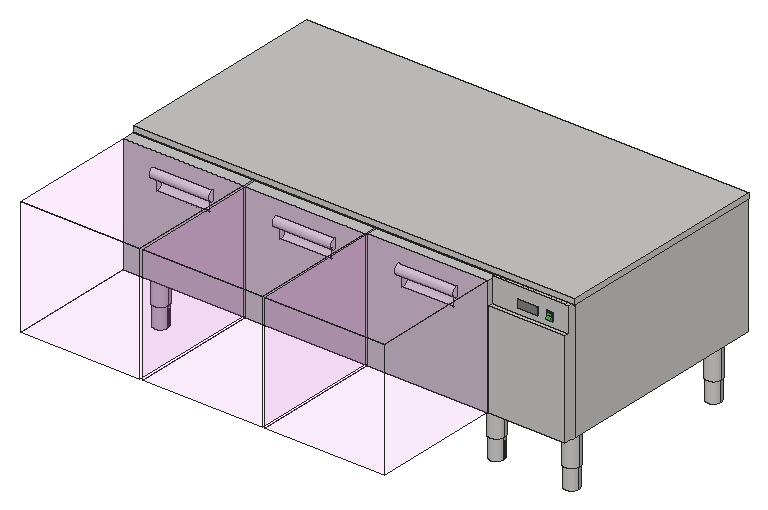
Revit family "QF_ZANUSSI_392601_Z9TTAECOMKNE", category Specialty Equipment, Revit 2021
Family settings
  Round Connector Dimension = Use Diameter
  Part Type = Normal
  Work Plane-Based = No
  Always vertical = Yes
  Cut with Voids When Loaded = No
  Shared = No
  Room Calculation Point = No
Parameters
  Weight = 110.00 kg
  Watts = 0 W
  Volts = 220 V
  URL Manufacturer = "http://www.zanussiprofessional.com"
  URL = "http://www.zanussiprofessional.com"
  Steam Supply Size = 0 mm
  Steam Supply Minimum Pressure = 0.0 Pa
  Steam Supply Maximum Pressure = 0.0 Pa
  Steam Pounds per Hour = 0
  Show Clearance [instance] = yes
  Refrigeration Suction Line Size = 0 mm
  Refrigeration Liquid Line Size = 0 mm
  Refrigerant Compressor Remote = yes
  Manufacturer = "Zanussi"
  Phase = 1
  Model = "Z9TTAECOMKN"
  Length Actual = 1600 mm
  Item Number = "392601"
  Hot Water Size = 0 mm
  Height Actual = 600 mm
  HP = "0.6 HP"
  Gas Size = 0 mm
  Gas KW = 0
  Gas Input Pressure = 0 W
  Direct Waste Size = 0 mm
  Description = "REFRIGERATED BASE WITH 3 DRAWERS 1600MM - R290"
  Depth Actual = 830 mm
  Default Elevation = 0 mm
  Cycle = 50 Hz
  Condensate Return Size = 0 mm
  Compressed Air Volume = 0.0 L/s
  Compressed Air Size = 0 mm
  Compressed Air Pressure = 0.0 Pa
  Cold Water Size = 0 mm
  Accessory = no
Reference planes
  plane 1 "Center X": y = -0.05
  plane 2: z = 0
  plane 3 "Centro (Sinistra/Destra)": x = -200
  plane 4: y = -316.05
  plane 5: y = 325.95
  plane 6 "BACK": y = 413.95
  plane 7 "FRONT": y = -414.05
  plane 8: y = -881.83
  plane 9: x = -944
  plane 10: x = 544
  plane 11: y = -369.551
  plane 12: z = 200
  plane 13 "TOP": z = 630
  plane 14 "LEFT": x = -1000
  plane 15 "RIGHT": x = 600
  plane 16: x = 272
Forms (mm)
  Extrusion 1, solid, material "QF_Finishes_Stainless Steel"
    sketch origin (-1022.223, -1524, 200) x (-1, 0, 0) y (0, -1, 0)
      loop
        line (-23.223, -1937.95) -> (-23.223, -1154.449) -> (-1621.223, -1154.449) -> (-1621.223, -1937.95) -> (-23.223, -1937.95)
    from 0 to 430
  Extrusion 2, solid, material "QF_Finishes_Stainless Steel"
    sketch origin (-1022.223, -1524, 200) x (-1, 0, 0) y (0, -1, 0)
      loop
        circle (-1581.223, -1747.95) r 12
    from -10 to 0
  Extrusion 3, solid, material "QF_Finishes_Stainless Steel"
    sketch origin (-599, 0, -5) x (0, 1, 0) y (0, 0, 1)
      loop
        line (-369.551, 635) -> (413.95, 635) -> (413.95, 655) -> (-369.551, 655) -> (-369.551, 635)
    from 1198 to -400
  Extrusion 4, solid, material "QF_Finishes_Stainless Steel"
    sketch origin (599, 0, 0) x (0, 1, 0) y (0, 0, 1)
      loop
        line (-369.551, 629.527) -> (-386.314, 640.994) -> (-397.65, 640.994) -> (-397.65, 549.796) -> (-414.05, 549.796) -> (-414.05, 204.796) -> (-384.714, 204.796) -> (-374.993, 200) -> (-369.551, 200) -> (-369.551, 629.527)
    from 0 to -275
  Extrusion 5, solid, material "QF_Finishes_Black"
    sketch origin (605.8, -397.65, 630.994) x (0, 0, -1) y (1, 0, 0)
      loop
        line (32.198, -86.899) -> (61.199, -86.899) -> (61.199, -64.9) -> (32.198, -64.9) -> (32.198, -86.899)
    from 0 to 1.6
  Extrusion 6, solid, material "QF_Finishes_Grey"
    sketch origin (627, -397.65, 630.994) x (0, 0, -1) y (1, 0, 0)
      loop
        line (32.198, -210.099) -> (61.199, -210.099) -> (61.199, -140.099) -> (32.198, -140.099) -> (32.198, -210.099)
    from 0 to 1.6
  Extrusion 7, solid, material "QF_Finishes_Green"
    sketch origin (540.9, -397.65, 598.796) x (0, 0, -1) y (0, 1, 0)
      loop
        line (2.279, -3.281) -> (14.5, -3.281) -> (25.308, -8.985)
        arc (25.308, -8.985) -> (26.537, -5.394) -> (26.605, -1.6) r 12.221
        line (26.605, -1.6) -> (2.395, -1.6)
        arc (2.395, -1.6) -> (2.308, -2.439) -> (2.279, -3.281) r 12.221
    from -20 to -2
  Extrusion 8, solid, material "QF_Finishes_Handrails and Railings"
    sketch origin (-798.028, -157.946, 1924.198) x (0, 0.885087, 0.465426) y (0, -0.465426, 0.885087)
      loop
        arc (-854.629, -1074.965) -> (-878.641, -1082.427) -> (-871.18, -1106.439) r 17.78
        line (-871.18, -1106.439) -> (-854.629, -1074.965)
    from -93.472 to 121.528
  Extrusion 9, solid, material "QF_Finishes_Stainless Steel"
    sketch origin (-998.053, 285.95, 14.715) x (0, 1, 0) y (0, 0, 1)
      loop
        line (-700, 486.991) -> (-660.001, 486.991) -> (-660.001, 530.285) -> (-678.147, 530.285) -> (-678.147, 511.464)
        arc (-678.147, 511.464) -> (-684.405, 495.059) -> (-700, 486.991) r 24.63
    from 118.753 to 309.354
  Extrusion 10, solid, material "QF_Finishes_Handrails and Railings"
    sketch origin (-356.028, -157.946, 1924.198) x (0, 0.885087, 0.465426) y (0, -0.465426, 0.885087)
      loop
        arc (-854.629, -1074.965) -> (-878.641, -1082.427) -> (-871.18, -1106.439) r 17.78
        line (-871.18, -1106.439) -> (-854.629, -1074.965)
    from -89.472 to 121.528
  Extrusion 11, solid, material "QF_Finishes_Stainless Steel"
    sketch origin (-556.053, 285.95, 14.715) x (0, 1, 0) y (0, 0, 1)
      loop
        line (-700, 486.991) -> (-660.001, 486.991) -> (-660.001, 530.285) -> (-678.147, 530.285) -> (-678.147, 511.464)
        arc (-678.147, 511.464) -> (-684.405, 495.059) -> (-700, 486.991) r 24.63
    from 122.753 to 309.354
  Extrusion 12, solid, material "QF_Finishes_Stainless Steel"
    sketch origin (-404, -414.05, 0) x (-1, 0, 0) y (0, 0, 1)
      loop
        line (595, 629.2) -> (160.999, 629.2) -> (160.999, 203.503) -> (595, 203.503) -> (595, 629.2)
      loop
        line (153, 629.2) -> (-281, 629.2) -> (-281, 203.503) -> (153, 203.503) -> (153, 629.2)
      loop
        line (475.3, 501.706) -> (475.3, 545) -> (284.699, 545) -> (284.699, 501.706) -> (475.3, 501.706)
      loop
        line (29.3, 501.706) -> (29.3, 545) -> (-157.301, 545) -> (-157.301, 501.706) -> (29.3, 501.706)
      loop
        line (-288.999, 629.2) -> (-722.999, 629.2) -> (-722.999, 203.9) -> (-288.999, 203.9) -> (-288.999, 629.2)
      loop
        line (-412.699, 501.706) -> (-412.699, 545) -> (-599.3, 545) -> (-599.3, 501.706) -> (-412.699, 501.706)
    from 0 to 40
  Extrusion 13, solid, material "QF_Door-Drawer Clearances", visible <- "Show Clearance"
    sketch origin (-204, -414.05, -215) x (1, 0, 0) y (0, 0, 1)
      loop
        line (-795, 844.2) -> (-795, 418.503) -> (-360.999, 418.503) -> (-360.999, 844.2) -> (-795, 844.2)
      loop
        line (-353, 844.2) -> (-353, 418.503) -> (81, 418.503) -> (81, 844.2) -> (-353, 844.2)
      loop
        line (88.999, 844.2) -> (88.999, 418.9) -> (522.999, 418.9) -> (522.999, 844.2) -> (88.999, 844.2)
    from 0 to 467.78
  Extrusion 14, solid, material "QF_Finishes_Handrails and Railings"
    sketch origin (85.971, -157.946, 1924.198) x (0, 0.885087, 0.465426) y (0, -0.465426, 0.885087)
      loop
        arc (-854.629, -1074.965) -> (-878.641, -1082.427) -> (-871.18, -1106.439) r 17.78
        line (-871.18, -1106.439) -> (-854.629, -1074.965)
    from -89.472 to 121.528
  Extrusion 15, solid, material "QF_Finishes_Stainless Steel"
    sketch origin (-114.054, 285.95, 14.715) x (0, 1, 0) y (0, 0, 1)
      loop
        line (-700, 486.991) -> (-660.001, 486.991) -> (-660.001, 530.285) -> (-678.147, 530.285) -> (-678.147, 511.464)
        arc (-678.147, 511.464) -> (-684.405, 495.059) -> (-700, 486.991) r 24.63
    from 122.753 to 309.354
Lines and regions (mm)
  Split face 1
    outline origin (627, -399.25, 630.994) x (0, 0, -1) y (1, 0, 0)
      loop
        line (37.198, -200.099) -> (52.198, -200.099) -> (52.198, -150.099) -> (37.198, -150.099) -> (37.198, -200.099)
  Split face 2
    outline origin (627, -399.25, 630.994) x (0, 0, -1) y (1, 0, 0)
      loop
        line (59.151, -200.099) -> (59.151, -189.099) -> (54.151, -189.099) -> (54.151, -200.099) -> (59.151, -200.099)
  Split face 3
    outline origin (627, -399.25, 630.994) x (0, 0, -1) y (1, 0, 0)
      loop
        line (54.151, -187.099) -> (59.151, -187.099) -> (59.151, -176.099) -> (54.151, -176.099) -> (54.151, -187.099)
  Split face 4
    outline origin (640, -399.25, 630.994) x (0, 0, -1) y (1, 0, 0)
      loop
        line (54.151, -187.099) -> (59.151, -187.099) -> (59.151, -176.099) -> (54.151, -176.099) -> (54.151, -187.099)
  Split face 5
    outline origin (653, -399.25, 630.994) x (0, 0, -1) y (1, 0, 0)
      loop
        line (54.151, -187.099) -> (59.151, -187.099) -> (59.151, -176.099) -> (54.151, -176.099) -> (54.151, -187.099)
  Split face 6
    outline origin (304.5, -414.05, 713.499) x (1, 0, 0) y (0, 0, 1)
      loop
        arc (90.48, -282.599) -> (94.5, -278.61) -> (90.5, -274.599) r 4
        line (90.5, -274.599) -> (58.5, -274.599)
        arc (58.5, -274.599) -> (54.5, -278.61) -> (58.521, -282.599) r 4
        line (58.521, -282.599) -> (90.48, -282.599)
  Split face 7
    outline origin (304.5, -414.05, 725.499) x (1, 0, 0) y (0, 0, 1)
      loop
        arc (90.48, -282.599) -> (94.5, -278.61) -> (90.5, -274.599) r 4
        line (90.5, -274.599) -> (58.5, -274.599)
        arc (58.5, -274.599) -> (54.5, -278.61) -> (58.521, -282.599) r 4
        line (58.521, -282.599) -> (90.48, -282.599)
  Split face 8
    outline origin (304.5, -414.05, 737.499) x (1, 0, 0) y (0, 0, 1)
      loop
        arc (90.48, -282.599) -> (94.5, -278.61) -> (90.5, -274.599) r 4
        line (90.5, -274.599) -> (58.5, -274.599)
        arc (58.5, -274.599) -> (54.5, -278.61) -> (58.521, -282.599) r 4
        line (58.521, -282.599) -> (90.48, -282.599)
  Split face 9
    outline origin (304.5, -414.05, 749.396) x (1, 0, 0) y (0, 0, 1)
      loop
        arc (90.48, -282.599) -> (94.5, -278.61) -> (90.5, -274.599) r 4
        line (90.5, -274.599) -> (58.5, -274.599)
        arc (58.5, -274.599) -> (54.5, -278.61) -> (58.521, -282.599) r 4
        line (58.521, -282.599) -> (90.48, -282.599)
  Split face 10
    outline origin (304.5, -414.05, 761.395) x (1, 0, 0) y (0, 0, 1)
      loop
        arc (90.48, -282.599) -> (94.5, -278.61) -> (90.5, -274.599) r 4
        line (90.5, -274.599) -> (58.5, -274.599)
        arc (58.5, -274.599) -> (54.5, -278.61) -> (58.521, -282.599) r 4
        line (58.521, -282.599) -> (90.48, -282.599)
  Split face 11
    outline origin (304.5, -414.05, 773.395) x (1, 0, 0) y (0, 0, 1)
      loop
        arc (90.48, -282.599) -> (94.5, -278.61) -> (90.5, -274.599) r 4
        line (90.5, -274.599) -> (58.5, -274.599)
        arc (58.5, -274.599) -> (54.5, -278.61) -> (58.521, -282.599) r 4
        line (58.521, -282.599) -> (90.48, -282.599)
  Split face 12
    outline origin (304.5, -414.05, 785.395) x (1, 0, 0) y (0, 0, 1)
      loop
        arc (90.48, -282.599) -> (94.5, -278.61) -> (90.5, -274.599) r 4
        line (90.5, -274.599) -> (58.5, -274.599)
        arc (58.5, -274.599) -> (54.5, -278.61) -> (58.521, -282.599) r 4
        line (58.521, -282.599) -> (90.48, -282.599)
  Split face 13
    outline origin (304.5, -414.05, 797.395) x (1, 0, 0) y (0, 0, 1)
      loop
        arc (90.48, -282.599) -> (94.5, -278.61) -> (90.5, -274.599) r 4
        line (90.5, -274.599) -> (58.5, -274.599)
        arc (58.5, -274.599) -> (54.5, -278.61) -> (58.521, -282.599) r 4
        line (58.521, -282.599) -> (90.48, -282.599)
  Split face 14
    outline origin (304.5, -414.05, 809.395) x (1, 0, 0) y (0, 0, 1)
      loop
        arc (90.48, -282.599) -> (94.5, -278.61) -> (90.5, -274.599) r 4
        line (90.5, -274.599) -> (58.5, -274.599)
        arc (58.5, -274.599) -> (54.5, -278.61) -> (58.521, -282.599) r 4
        line (58.521, -282.599) -> (90.48, -282.599)
  Split face 15
    outline origin (304.5, -414.05, 701.499) x (1, 0, 0) y (0, 0, 1)
      loop
        arc (90.48, -282.599) -> (94.5, -278.61) -> (90.5, -274.599) r 4
        line (90.5, -274.599) -> (58.5, -274.599)
        arc (58.5, -274.599) -> (54.5, -278.61) -> (58.521, -282.599) r 4
        line (58.521, -282.599) -> (90.48, -282.599)
  Split face 16
    outline origin (304.5, -414.05, 605.603) x (1, 0, 0) y (0, 0, 1)
      loop
        arc (90.48, -282.599) -> (94.5, -278.61) -> (90.5, -274.599) r 4
        line (90.5, -274.599) -> (58.5, -274.599)
        arc (58.5, -274.599) -> (54.5, -278.61) -> (58.521, -282.599) r 4
        line (58.521, -282.599) -> (90.48, -282.599)
  Split face 17
    outline origin (304.5, -414.05, 617.603) x (1, 0, 0) y (0, 0, 1)
      loop
        arc (90.48, -282.599) -> (94.5, -278.61) -> (90.5, -274.599) r 4
        line (90.5, -274.599) -> (58.5, -274.599)
        arc (58.5, -274.599) -> (54.5, -278.61) -> (58.521, -282.599) r 4
        line (58.521, -282.599) -> (90.48, -282.599)
  Split face 18
    outline origin (304.5, -414.05, 629.602) x (1, 0, 0) y (0, 0, 1)
      loop
        arc (90.48, -282.599) -> (94.5, -278.61) -> (90.5, -274.599) r 4
        line (90.5, -274.599) -> (58.5, -274.599)
        arc (58.5, -274.599) -> (54.5, -278.61) -> (58.521, -282.599) r 4
        line (58.521, -282.599) -> (90.48, -282.599)
  Split face 19
    outline origin (304.5, -414.05, 677.499) x (1, 0, 0) y (0, 0, 1)
      loop
        arc (90.48, -282.599) -> (94.5, -278.61) -> (90.5, -274.599) r 4
        line (90.5, -274.599) -> (58.5, -274.599)
        arc (58.5, -274.599) -> (54.5, -278.61) -> (58.521, -282.599) r 4
        line (58.521, -282.599) -> (90.48, -282.599)
  Split face 20
    outline origin (304.5, -414.05, 689.499) x (1, 0, 0) y (0, 0, 1)
      loop
        arc (90.48, -282.599) -> (94.5, -278.61) -> (90.5, -274.599) r 4
        line (90.5, -274.599) -> (58.5, -274.599)
        arc (58.5, -274.599) -> (54.5, -278.61) -> (58.521, -282.599) r 4
        line (58.521, -282.599) -> (90.48, -282.599)
  Split face 21
    outline origin (304.5, -414.05, 593.603) x (1, 0, 0) y (0, 0, 1)
      loop
        arc (90.48, -282.599) -> (94.5, -278.61) -> (90.5, -274.599) r 4
        line (90.5, -274.599) -> (58.5, -274.599)
        arc (58.5, -274.599) -> (54.5, -278.61) -> (58.521, -282.599) r 4
        line (58.521, -282.599) -> (90.48, -282.599)
  Split face 22
    outline origin (304.5, -414.05, 497.707) x (1, 0, 0) y (0, 0, 1)
      loop
        arc (90.48, -282.599) -> (94.5, -278.61) -> (90.5, -274.599) r 4
        line (90.5, -274.599) -> (58.5, -274.599)
        arc (58.5, -274.599) -> (54.5, -278.61) -> (58.521, -282.599) r 4
        line (58.521, -282.599) -> (90.48, -282.599)
  Split face 23
    outline origin (304.5, -414.05, 509.707) x (1, 0, 0) y (0, 0, 1)
      loop
        arc (90.48, -282.599) -> (94.5, -278.61) -> (90.5, -274.599) r 4
        line (90.5, -274.599) -> (58.5, -274.599)
        arc (58.5, -274.599) -> (54.5, -278.61) -> (58.521, -282.599) r 4
        line (58.521, -282.599) -> (90.48, -282.599)
  Split face 24
    outline origin (304.5, -414.05, 521.706) x (1, 0, 0) y (0, 0, 1)
      loop
        arc (90.48, -282.599) -> (94.5, -278.61) -> (90.5, -274.599) r 4
        line (90.5, -274.599) -> (58.5, -274.599)
        arc (58.5, -274.599) -> (54.5, -278.61) -> (58.521, -282.599) r 4
        line (58.521, -282.599) -> (90.48, -282.599)
  Split face 25
    outline origin (304.5, -414.05, 533.604) x (1, 0, 0) y (0, 0, 1)
      loop
        arc (90.48, -282.599) -> (94.5, -278.61) -> (90.5, -274.599) r 4
        line (90.5, -274.599) -> (58.5, -274.599)
        arc (58.5, -274.599) -> (54.5, -278.61) -> (58.521, -282.599) r 4
        line (58.521, -282.599) -> (90.48, -282.599)
  Split face 26
    outline origin (304.5, -414.05, 545.603) x (1, 0, 0) y (0, 0, 1)
      loop
        arc (90.48, -282.599) -> (94.5, -278.61) -> (90.5, -274.599) r 4
        line (90.5, -274.599) -> (58.5, -274.599)
        arc (58.5, -274.599) -> (54.5, -278.61) -> (58.521, -282.599) r 4
        line (58.521, -282.599) -> (90.48, -282.599)
  Split face 27
    outline origin (304.5, -414.05, 557.603) x (1, 0, 0) y (0, 0, 1)
      loop
        arc (90.48, -282.599) -> (94.5, -278.61) -> (90.5, -274.599) r 4
        line (90.5, -274.599) -> (58.5, -274.599)
        arc (58.5, -274.599) -> (54.5, -278.61) -> (58.521, -282.599) r 4
        line (58.521, -282.599) -> (90.48, -282.599)
  Split face 28
    outline origin (304.5, -414.05, 569.603) x (1, 0, 0) y (0, 0, 1)
      loop
        arc (90.48, -282.599) -> (94.5, -278.61) -> (90.5, -274.599) r 4
        line (90.5, -274.599) -> (58.5, -274.599)
        arc (58.5, -274.599) -> (54.5, -278.61) -> (58.521, -282.599) r 4
        line (58.521, -282.599) -> (90.48, -282.599)
  Split face 29
    outline origin (304.5, -414.05, 581.603) x (1, 0, 0) y (0, 0, 1)
      loop
        arc (90.48, -282.599) -> (94.5, -278.61) -> (90.5, -274.599) r 4
        line (90.5, -274.599) -> (58.5, -274.599)
        arc (58.5, -274.599) -> (54.5, -278.61) -> (58.521, -282.599) r 4
        line (58.521, -282.599) -> (90.48, -282.599)
  Split face 30
    outline origin (359.5, -414.05, 713.499) x (1, 0, 0) y (0, 0, 1)
      loop
        arc (90.48, -282.599) -> (94.5, -278.61) -> (90.5, -274.599) r 4
        line (90.5, -274.599) -> (58.5, -274.599)
        arc (58.5, -274.599) -> (54.5, -278.61) -> (58.521, -282.599) r 4
        line (58.521, -282.599) -> (90.48, -282.599)
  Split face 31
    outline origin (359.5, -414.05, 725.499) x (1, 0, 0) y (0, 0, 1)
      loop
        arc (90.48, -282.599) -> (94.5, -278.61) -> (90.5, -274.599) r 4
        line (90.5, -274.599) -> (58.5, -274.599)
        arc (58.5, -274.599) -> (54.5, -278.61) -> (58.521, -282.599) r 4
        line (58.521, -282.599) -> (90.48, -282.599)
  Split face 32
    outline origin (359.5, -414.05, 737.499) x (1, 0, 0) y (0, 0, 1)
      loop
        arc (90.48, -282.599) -> (94.5, -278.61) -> (90.5, -274.599) r 4
        line (90.5, -274.599) -> (58.5, -274.599)
        arc (58.5, -274.599) -> (54.5, -278.61) -> (58.521, -282.599) r 4
        line (58.521, -282.599) -> (90.48, -282.599)
  Split face 33
    outline origin (359.5, -414.05, 749.396) x (1, 0, 0) y (0, 0, 1)
      loop
        arc (90.48, -282.599) -> (94.5, -278.61) -> (90.5, -274.599) r 4
        line (90.5, -274.599) -> (58.5, -274.599)
        arc (58.5, -274.599) -> (54.5, -278.61) -> (58.521, -282.599) r 4
        line (58.521, -282.599) -> (90.48, -282.599)
  Split face 34
    outline origin (359.5, -414.05, 761.395) x (1, 0, 0) y (0, 0, 1)
      loop
        arc (90.48, -282.599) -> (94.5, -278.61) -> (90.5, -274.599) r 4
        line (90.5, -274.599) -> (58.5, -274.599)
        arc (58.5, -274.599) -> (54.5, -278.61) -> (58.521, -282.599) r 4
        line (58.521, -282.599) -> (90.48, -282.599)
  Split face 35
    outline origin (359.5, -414.05, 773.395) x (1, 0, 0) y (0, 0, 1)
      loop
        arc (90.48, -282.599) -> (94.5, -278.61) -> (90.5, -274.599) r 4
        line (90.5, -274.599) -> (58.5, -274.599)
        arc (58.5, -274.599) -> (54.5, -278.61) -> (58.521, -282.599) r 4
        line (58.521, -282.599) -> (90.48, -282.599)
  Split face 36
    outline origin (359.5, -414.05, 785.395) x (1, 0, 0) y (0, 0, 1)
      loop
        arc (90.48, -282.599) -> (94.5, -278.61) -> (90.5, -274.599) r 4
        line (90.5, -274.599) -> (58.5, -274.599)
        arc (58.5, -274.599) -> (54.5, -278.61) -> (58.521, -282.599) r 4
        line (58.521, -282.599) -> (90.48, -282.599)
  Split face 37
    outline origin (359.5, -414.05, 797.395) x (1, 0, 0) y (0, 0, 1)
      loop
        arc (90.48, -282.599) -> (94.5, -278.61) -> (90.5, -274.599) r 4
        line (90.5, -274.599) -> (58.5, -274.599)
        arc (58.5, -274.599) -> (54.5, -278.61) -> (58.521, -282.599) r 4
        line (58.521, -282.599) -> (90.48, -282.599)
  Split face 38
    outline origin (359.5, -414.05, 809.395) x (1, 0, 0) y (0, 0, 1)
      loop
        arc (90.48, -282.599) -> (94.5, -278.61) -> (90.5, -274.599) r 4
        line (90.5, -274.599) -> (58.5, -274.599)
        arc (58.5, -274.599) -> (54.5, -278.61) -> (58.521, -282.599) r 4
        line (58.521, -282.599) -> (90.48, -282.599)
  Split face 39
    outline origin (359.5, -414.05, 701.499) x (1, 0, 0) y (0, 0, 1)
      loop
        arc (90.48, -282.599) -> (94.5, -278.61) -> (90.5, -274.599) r 4
        line (90.5, -274.599) -> (58.5, -274.599)
        arc (58.5, -274.599) -> (54.5, -278.61) -> (58.521, -282.599) r 4
        line (58.521, -282.599) -> (90.48, -282.599)
  Split face 40
    outline origin (359.5, -414.05, 605.603) x (1, 0, 0) y (0, 0, 1)
      loop
        arc (90.48, -282.599) -> (94.5, -278.61) -> (90.5, -274.599) r 4
        line (90.5, -274.599) -> (58.5, -274.599)
        arc (58.5, -274.599) -> (54.5, -278.61) -> (58.521, -282.599) r 4
        line (58.521, -282.599) -> (90.48, -282.599)
  Split face 41
    outline origin (359.5, -414.05, 617.603) x (1, 0, 0) y (0, 0, 1)
      loop
        arc (90.48, -282.599) -> (94.5, -278.61) -> (90.5, -274.599) r 4
        line (90.5, -274.599) -> (58.5, -274.599)
        arc (58.5, -274.599) -> (54.5, -278.61) -> (58.521, -282.599) r 4
        line (58.521, -282.599) -> (90.48, -282.599)
  Split face 42
    outline origin (359.5, -414.05, 629.602) x (1, 0, 0) y (0, 0, 1)
      loop
        arc (90.48, -282.599) -> (94.5, -278.61) -> (90.5, -274.599) r 4
        line (90.5, -274.599) -> (58.5, -274.599)
        arc (58.5, -274.599) -> (54.5, -278.61) -> (58.521, -282.599) r 4
        line (58.521, -282.599) -> (90.48, -282.599)
  Split face 43
    outline origin (359.5, -414.05, 677.499) x (1, 0, 0) y (0, 0, 1)
      loop
        arc (90.48, -282.599) -> (94.5, -278.61) -> (90.5, -274.599) r 4
        line (90.5, -274.599) -> (58.5, -274.599)
        arc (58.5, -274.599) -> (54.5, -278.61) -> (58.521, -282.599) r 4
        line (58.521, -282.599) -> (90.48, -282.599)
  Split face 44
    outline origin (359.5, -414.05, 689.499) x (1, 0, 0) y (0, 0, 1)
      loop
        arc (90.48, -282.599) -> (94.5, -278.61) -> (90.5, -274.599) r 4
        line (90.5, -274.599) -> (58.5, -274.599)
        arc (58.5, -274.599) -> (54.5, -278.61) -> (58.521, -282.599) r 4
        line (58.521, -282.599) -> (90.48, -282.599)
  Split face 45
    outline origin (359.5, -414.05, 593.603) x (1, 0, 0) y (0, 0, 1)
      loop
        arc (90.48, -282.599) -> (94.5, -278.61) -> (90.5, -274.599) r 4
        line (90.5, -274.599) -> (58.5, -274.599)
        arc (58.5, -274.599) -> (54.5, -278.61) -> (58.521, -282.599) r 4
        line (58.521, -282.599) -> (90.48, -282.599)
  Split face 46
    outline origin (359.5, -414.05, 497.707) x (1, 0, 0) y (0, 0, 1)
      loop
        arc (90.48, -282.599) -> (94.5, -278.61) -> (90.5, -274.599) r 4
        line (90.5, -274.599) -> (58.5, -274.599)
        arc (58.5, -274.599) -> (54.5, -278.61) -> (58.521, -282.599) r 4
        line (58.521, -282.599) -> (90.48, -282.599)
  Split face 47
    outline origin (359.5, -414.05, 509.707) x (1, 0, 0) y (0, 0, 1)
      loop
        arc (90.48, -282.599) -> (94.5, -278.61) -> (90.5, -274.599) r 4
        line (90.5, -274.599) -> (58.5, -274.599)
        arc (58.5, -274.599) -> (54.5, -278.61) -> (58.521, -282.599) r 4
        line (58.521, -282.599) -> (90.48, -282.599)
  Split face 48
    outline origin (359.5, -414.05, 521.706) x (1, 0, 0) y (0, 0, 1)
      loop
        arc (90.48, -282.599) -> (94.5, -278.61) -> (90.5, -274.599) r 4
        line (90.5, -274.599) -> (58.5, -274.599)
        arc (58.5, -274.599) -> (54.5, -278.61) -> (58.521, -282.599) r 4
        line (58.521, -282.599) -> (90.48, -282.599)
  Split face 49
    outline origin (359.5, -414.05, 533.604) x (1, 0, 0) y (0, 0, 1)
      loop
        arc (90.48, -282.599) -> (94.5, -278.61) -> (90.5, -274.599) r 4
        line (90.5, -274.599) -> (58.5, -274.599)
        arc (58.5, -274.599) -> (54.5, -278.61) -> (58.521, -282.599) r 4
        line (58.521, -282.599) -> (90.48, -282.599)
  Split face 50
    outline origin (359.5, -414.05, 545.603) x (1, 0, 0) y (0, 0, 1)
      loop
        arc (90.48, -282.599) -> (94.5, -278.61) -> (90.5, -274.599) r 4
        line (90.5, -274.599) -> (58.5, -274.599)
        arc (58.5, -274.599) -> (54.5, -278.61) -> (58.521, -282.599) r 4
        line (58.521, -282.599) -> (90.48, -282.599)
  Split face 51
    outline origin (359.5, -414.05, 557.603) x (1, 0, 0) y (0, 0, 1)
      loop
        arc (90.48, -282.599) -> (94.5, -278.61) -> (90.5, -274.599) r 4
        line (90.5, -274.599) -> (58.5, -274.599)
        arc (58.5, -274.599) -> (54.5, -278.61) -> (58.521, -282.599) r 4
        line (58.521, -282.599) -> (90.48, -282.599)
  Split face 52
    outline origin (359.5, -414.05, 569.603) x (1, 0, 0) y (0, 0, 1)
      loop
        arc (90.48, -282.599) -> (94.5, -278.61) -> (90.5, -274.599) r 4
        line (90.5, -274.599) -> (58.5, -274.599)
        arc (58.5, -274.599) -> (54.5, -278.61) -> (58.521, -282.599) r 4
        line (58.521, -282.599) -> (90.48, -282.599)
  Split face 53
    outline origin (359.5, -414.05, 581.603) x (1, 0, 0) y (0, 0, 1)
      loop
        arc (90.48, -282.599) -> (94.5, -278.61) -> (90.5, -274.599) r 4
        line (90.5, -274.599) -> (58.5, -274.599)
        arc (58.5, -274.599) -> (54.5, -278.61) -> (58.521, -282.599) r 4
        line (58.521, -282.599) -> (90.48, -282.599)
  Split face 54
    outline origin (414.5, -414.05, 713.499) x (1, 0, 0) y (0, 0, 1)
      loop
        arc (90.48, -282.599) -> (94.5, -278.61) -> (90.5, -274.599) r 4
        line (90.5, -274.599) -> (58.5, -274.599)
        arc (58.5, -274.599) -> (54.5, -278.61) -> (58.521, -282.599) r 4
        line (58.521, -282.599) -> (90.48, -282.599)
  Split face 55
    outline origin (414.5, -414.05, 725.499) x (1, 0, 0) y (0, 0, 1)
      loop
        arc (90.48, -282.599) -> (94.5, -278.61) -> (90.5, -274.599) r 4
        line (90.5, -274.599) -> (58.5, -274.599)
        arc (58.5, -274.599) -> (54.5, -278.61) -> (58.521, -282.599) r 4
        line (58.521, -282.599) -> (90.48, -282.599)
  Split face 56
    outline origin (414.5, -414.05, 737.499) x (1, 0, 0) y (0, 0, 1)
      loop
        arc (90.48, -282.599) -> (94.5, -278.61) -> (90.5, -274.599) r 4
        line (90.5, -274.599) -> (58.5, -274.599)
        arc (58.5, -274.599) -> (54.5, -278.61) -> (58.521, -282.599) r 4
        line (58.521, -282.599) -> (90.48, -282.599)
  Split face 57
    outline origin (414.5, -414.05, 749.396) x (1, 0, 0) y (0, 0, 1)
      loop
        arc (90.48, -282.599) -> (94.5, -278.61) -> (90.5, -274.599) r 4
        line (90.5, -274.599) -> (58.5, -274.599)
        arc (58.5, -274.599) -> (54.5, -278.61) -> (58.521, -282.599) r 4
        line (58.521, -282.599) -> (90.48, -282.599)
  Split face 58
    outline origin (414.5, -414.05, 761.395) x (1, 0, 0) y (0, 0, 1)
      loop
        arc (90.48, -282.599) -> (94.5, -278.61) -> (90.5, -274.599) r 4
        line (90.5, -274.599) -> (58.5, -274.599)
        arc (58.5, -274.599) -> (54.5, -278.61) -> (58.521, -282.599) r 4
        line (58.521, -282.599) -> (90.48, -282.599)
  Split face 59
    outline origin (414.5, -414.05, 773.395) x (1, 0, 0) y (0, 0, 1)
      loop
        arc (90.48, -282.599) -> (94.5, -278.61) -> (90.5, -274.599) r 4
        line (90.5, -274.599) -> (58.5, -274.599)
        arc (58.5, -274.599) -> (54.5, -278.61) -> (58.521, -282.599) r 4
        line (58.521, -282.599) -> (90.48, -282.599)
  Split face 60
    outline origin (414.5, -414.05, 785.395) x (1, 0, 0) y (0, 0, 1)
      loop
        arc (90.48, -282.599) -> (94.5, -278.61) -> (90.5, -274.599) r 4
        line (90.5, -274.599) -> (58.5, -274.599)
        arc (58.5, -274.599) -> (54.5, -278.61) -> (58.521, -282.599) r 4
        line (58.521, -282.599) -> (90.48, -282.599)
  Split face 61
    outline origin (414.5, -414.05, 797.395) x (1, 0, 0) y (0, 0, 1)
      loop
        arc (90.48, -282.599) -> (94.5, -278.61) -> (90.5, -274.599) r 4
        line (90.5, -274.599) -> (58.5, -274.599)
        arc (58.5, -274.599) -> (54.5, -278.61) -> (58.521, -282.599) r 4
        line (58.521, -282.599) -> (90.48, -282.599)
  Split face 62
    outline origin (414.5, -414.05, 809.395) x (1, 0, 0) y (0, 0, 1)
      loop
        arc (90.48, -282.599) -> (94.5, -278.61) -> (90.5, -274.599) r 4
        line (90.5, -274.599) -> (58.5, -274.599)
        arc (58.5, -274.599) -> (54.5, -278.61) -> (58.521, -282.599) r 4
        line (58.521, -282.599) -> (90.48, -282.599)
  Split face 63
    outline origin (414.5, -414.05, 701.499) x (1, 0, 0) y (0, 0, 1)
      loop
        arc (90.48, -282.599) -> (94.5, -278.61) -> (90.5, -274.599) r 4
        line (90.5, -274.599) -> (58.5, -274.599)
        arc (58.5, -274.599) -> (54.5, -278.61) -> (58.521, -282.599) r 4
        line (58.521, -282.599) -> (90.48, -282.599)
  Split face 64
    outline origin (414.5, -414.05, 605.603) x (1, 0, 0) y (0, 0, 1)
      loop
        arc (90.48, -282.599) -> (94.5, -278.61) -> (90.5, -274.599) r 4
        line (90.5, -274.599) -> (58.5, -274.599)
        arc (58.5, -274.599) -> (54.5, -278.61) -> (58.521, -282.599) r 4
        line (58.521, -282.599) -> (90.48, -282.599)
  Split face 65
    outline origin (414.5, -414.05, 617.603) x (1, 0, 0) y (0, 0, 1)
      loop
        arc (90.48, -282.599) -> (94.5, -278.61) -> (90.5, -274.599) r 4
        line (90.5, -274.599) -> (58.5, -274.599)
        arc (58.5, -274.599) -> (54.5, -278.61) -> (58.521, -282.599) r 4
        line (58.521, -282.599) -> (90.48, -282.599)
  Split face 66
    outline origin (414.5, -414.05, 629.602) x (1, 0, 0) y (0, 0, 1)
      loop
        arc (90.48, -282.599) -> (94.5, -278.61) -> (90.5, -274.599) r 4
        line (90.5, -274.599) -> (58.5, -274.599)
        arc (58.5, -274.599) -> (54.5, -278.61) -> (58.521, -282.599) r 4
        line (58.521, -282.599) -> (90.48, -282.599)
  Split face 67
    outline origin (414.5, -414.05, 677.499) x (1, 0, 0) y (0, 0, 1)
      loop
        arc (90.48, -282.599) -> (94.5, -278.61) -> (90.5, -274.599) r 4
        line (90.5, -274.599) -> (58.5, -274.599)
        arc (58.5, -274.599) -> (54.5, -278.61) -> (58.521, -282.599) r 4
        line (58.521, -282.599) -> (90.48, -282.599)
  Split face 68
    outline origin (414.5, -414.05, 689.499) x (1, 0, 0) y (0, 0, 1)
      loop
        arc (90.48, -282.599) -> (94.5, -278.61) -> (90.5, -274.599) r 4
        line (90.5, -274.599) -> (58.5, -274.599)
        arc (58.5, -274.599) -> (54.5, -278.61) -> (58.521, -282.599) r 4
        line (58.521, -282.599) -> (90.48, -282.599)
  Split face 69
    outline origin (414.5, -414.05, 593.603) x (1, 0, 0) y (0, 0, 1)
      loop
        arc (90.48, -282.599) -> (94.5, -278.61) -> (90.5, -274.599) r 4
        line (90.5, -274.599) -> (58.5, -274.599)
        arc (58.5, -274.599) -> (54.5, -278.61) -> (58.521, -282.599) r 4
        line (58.521, -282.599) -> (90.48, -282.599)
  Split face 70
    outline origin (414.5, -414.05, 497.707) x (1, 0, 0) y (0, 0, 1)
      loop
        arc (90.48, -282.599) -> (94.5, -278.61) -> (90.5, -274.599) r 4
        line (90.5, -274.599) -> (58.5, -274.599)
        arc (58.5, -274.599) -> (54.5, -278.61) -> (58.521, -282.599) r 4
        line (58.521, -282.599) -> (90.48, -282.599)
  Split face 71
    outline origin (414.5, -414.05, 509.707) x (1, 0, 0) y (0, 0, 1)
      loop
        arc (90.48, -282.599) -> (94.5, -278.61) -> (90.5, -274.599) r 4
        line (90.5, -274.599) -> (58.5, -274.599)
        arc (58.5, -274.599) -> (54.5, -278.61) -> (58.521, -282.599) r 4
        line (58.521, -282.599) -> (90.48, -282.599)
  Split face 72
    outline origin (414.5, -414.05, 521.706) x (1, 0, 0) y (0, 0, 1)
      loop
        arc (90.48, -282.599) -> (94.5, -278.61) -> (90.5, -274.599) r 4
        line (90.5, -274.599) -> (58.5, -274.599)
        arc (58.5, -274.599) -> (54.5, -278.61) -> (58.521, -282.599) r 4
        line (58.521, -282.599) -> (90.48, -282.599)
  Split face 73
    outline origin (414.5, -414.05, 533.604) x (1, 0, 0) y (0, 0, 1)
      loop
        arc (90.48, -282.599) -> (94.5, -278.61) -> (90.5, -274.599) r 4
        line (90.5, -274.599) -> (58.5, -274.599)
        arc (58.5, -274.599) -> (54.5, -278.61) -> (58.521, -282.599) r 4
        line (58.521, -282.599) -> (90.48, -282.599)
  Split face 74
    outline origin (414.5, -414.05, 545.603) x (1, 0, 0) y (0, 0, 1)
      loop
        arc (90.48, -282.599) -> (94.5, -278.61) -> (90.5, -274.599) r 4
        line (90.5, -274.599) -> (58.5, -274.599)
        arc (58.5, -274.599) -> (54.5, -278.61) -> (58.521, -282.599) r 4
        line (58.521, -282.599) -> (90.48, -282.599)
  Split face 75
    outline origin (414.5, -414.05, 557.603) x (1, 0, 0) y (0, 0, 1)
      loop
        arc (90.48, -282.599) -> (94.5, -278.61) -> (90.5, -274.599) r 4
        line (90.5, -274.599) -> (58.5, -274.599)
        arc (58.5, -274.599) -> (54.5, -278.61) -> (58.521, -282.599) r 4
        line (58.521, -282.599) -> (90.48, -282.599)
  Split face 76
    outline origin (414.5, -414.05, 569.603) x (1, 0, 0) y (0, 0, 1)
      loop
        arc (90.48, -282.599) -> (94.5, -278.61) -> (90.5, -274.599) r 4
        line (90.5, -274.599) -> (58.5, -274.599)
        arc (58.5, -274.599) -> (54.5, -278.61) -> (58.521, -282.599) r 4
        line (58.521, -282.599) -> (90.48, -282.599)
  Split face 77
    outline origin (414.5, -414.05, 581.603) x (1, 0, 0) y (0, 0, 1)
      loop
        arc (90.48, -282.599) -> (94.5, -278.61) -> (90.5, -274.599) r 4
        line (90.5, -274.599) -> (58.5, -274.599)
        arc (58.5, -274.599) -> (54.5, -278.61) -> (58.521, -282.599) r 4
        line (58.521, -282.599) -> (90.48, -282.599)
  Split face 78
    outline origin (507.5, -414.05, 713.499) x (1, 0, 0) y (0, 0, 1)
      loop
        arc (52.48, -282.599) -> (56.5, -278.61) -> (52.5, -274.599) r 4
        line (52.5, -274.599) -> (20.5, -274.599)
        arc (20.5, -274.599) -> (16.5, -278.61) -> (20.521, -282.599) r 4
        line (20.521, -282.599) -> (52.48, -282.599)
  Split face 79
    outline origin (507.5, -414.05, 725.499) x (1, 0, 0) y (0, 0, 1)
      loop
        arc (52.48, -282.599) -> (56.5, -278.61) -> (52.5, -274.599) r 4
        line (52.5, -274.599) -> (20.5, -274.599)
        arc (20.5, -274.599) -> (16.5, -278.61) -> (20.521, -282.599) r 4
        line (20.521, -282.599) -> (52.48, -282.599)
  Split face 80
    outline origin (507.5, -414.05, 737.499) x (1, 0, 0) y (0, 0, 1)
      loop
        arc (52.48, -282.599) -> (56.5, -278.61) -> (52.5, -274.599) r 4
        line (52.5, -274.599) -> (20.5, -274.599)
        arc (20.5, -274.599) -> (16.5, -278.61) -> (20.521, -282.599) r 4
        line (20.521, -282.599) -> (52.48, -282.599)
  Split face 81
    outline origin (507.5, -414.05, 749.396) x (1, 0, 0) y (0, 0, 1)
      loop
        arc (52.48, -282.599) -> (56.5, -278.61) -> (52.5, -274.599) r 4
        line (52.5, -274.599) -> (20.5, -274.599)
        arc (20.5, -274.599) -> (16.5, -278.61) -> (20.521, -282.599) r 4
        line (20.521, -282.599) -> (52.48, -282.599)
  Split face 82
    outline origin (507.5, -414.05, 761.395) x (1, 0, 0) y (0, 0, 1)
      loop
        arc (52.48, -282.599) -> (56.5, -278.61) -> (52.5, -274.599) r 4
        line (52.5, -274.599) -> (20.5, -274.599)
        arc (20.5, -274.599) -> (16.5, -278.61) -> (20.521, -282.599) r 4
        line (20.521, -282.599) -> (52.48, -282.599)
  Split face 83
    outline origin (507.5, -414.05, 773.395) x (1, 0, 0) y (0, 0, 1)
      loop
        arc (52.48, -282.599) -> (56.5, -278.61) -> (52.5, -274.599) r 4
        line (52.5, -274.599) -> (20.5, -274.599)
        arc (20.5, -274.599) -> (16.5, -278.61) -> (20.521, -282.599) r 4
        line (20.521, -282.599) -> (52.48, -282.599)
  Split face 84
    outline origin (507.5, -414.05, 785.395) x (1, 0, 0) y (0, 0, 1)
      loop
        arc (52.48, -282.599) -> (56.5, -278.61) -> (52.5, -274.599) r 4
        line (52.5, -274.599) -> (20.5, -274.599)
        arc (20.5, -274.599) -> (16.5, -278.61) -> (20.521, -282.599) r 4
        line (20.521, -282.599) -> (52.48, -282.599)
  Split face 85
    outline origin (507.5, -414.05, 797.395) x (1, 0, 0) y (0, 0, 1)
      loop
        arc (52.48, -282.599) -> (56.5, -278.61) -> (52.5, -274.599) r 4
        line (52.5, -274.599) -> (20.5, -274.599)
        arc (20.5, -274.599) -> (16.5, -278.61) -> (20.521, -282.599) r 4
        line (20.521, -282.599) -> (52.48, -282.599)
  Split face 86
    outline origin (507.5, -414.05, 809.395) x (1, 0, 0) y (0, 0, 1)
      loop
        arc (52.48, -282.599) -> (56.5, -278.61) -> (52.5, -274.599) r 4
        line (52.5, -274.599) -> (20.5, -274.599)
        arc (20.5, -274.599) -> (16.5, -278.61) -> (20.521, -282.599) r 4
        line (20.521, -282.599) -> (52.48, -282.599)
  Split face 87
    outline origin (507.5, -414.05, 701.499) x (1, 0, 0) y (0, 0, 1)
      loop
        arc (52.48, -282.599) -> (56.5, -278.61) -> (52.5, -274.599) r 4
        line (52.5, -274.599) -> (20.5, -274.599)
        arc (20.5, -274.599) -> (16.5, -278.61) -> (20.521, -282.599) r 4
        line (20.521, -282.599) -> (52.48, -282.599)
  Split face 88
    outline origin (507.5, -414.05, 605.603) x (1, 0, 0) y (0, 0, 1)
      loop
        arc (52.48, -282.599) -> (56.5, -278.61) -> (52.5, -274.599) r 4
        line (52.5, -274.599) -> (20.5, -274.599)
        arc (20.5, -274.599) -> (16.5, -278.61) -> (20.521, -282.599) r 4
        line (20.521, -282.599) -> (52.48, -282.599)
  Split face 89
    outline origin (507.5, -414.05, 617.603) x (1, 0, 0) y (0, 0, 1)
      loop
        arc (52.48, -282.599) -> (56.5, -278.61) -> (52.5, -274.599) r 4
        line (52.5, -274.599) -> (20.5, -274.599)
        arc (20.5, -274.599) -> (16.5, -278.61) -> (20.521, -282.599) r 4
        line (20.521, -282.599) -> (52.48, -282.599)
  Split face 90
    outline origin (507.5, -414.05, 629.602) x (1, 0, 0) y (0, 0, 1)
      loop
        arc (52.48, -282.599) -> (56.5, -278.61) -> (52.5, -274.599) r 4
        line (52.5, -274.599) -> (20.5, -274.599)
        arc (20.5, -274.599) -> (16.5, -278.61) -> (20.521, -282.599) r 4
        line (20.521, -282.599) -> (52.48, -282.599)
  Split face 91
    outline origin (507.5, -414.05, 677.499) x (1, 0, 0) y (0, 0, 1)
      loop
        arc (52.48, -282.599) -> (56.5, -278.61) -> (52.5, -274.599) r 4
        line (52.5, -274.599) -> (20.5, -274.599)
        arc (20.5, -274.599) -> (16.5, -278.61) -> (20.521, -282.599) r 4
        line (20.521, -282.599) -> (52.48, -282.599)
  Split face 92
    outline origin (507.5, -414.05, 689.499) x (1, 0, 0) y (0, 0, 1)
      loop
        arc (52.48, -282.599) -> (56.5, -278.61) -> (52.5, -274.599) r 4
        line (52.5, -274.599) -> (20.5, -274.599)
        arc (20.5, -274.599) -> (16.5, -278.61) -> (20.521, -282.599) r 4
        line (20.521, -282.599) -> (52.48, -282.599)
  Split face 93
    outline origin (507.5, -414.05, 593.603) x (1, 0, 0) y (0, 0, 1)
      loop
        arc (52.48, -282.599) -> (56.5, -278.61) -> (52.5, -274.599) r 4
        line (52.5, -274.599) -> (20.5, -274.599)
        arc (20.5, -274.599) -> (16.5, -278.61) -> (20.521, -282.599) r 4
        line (20.521, -282.599) -> (52.48, -282.599)
  Split face 94
    outline origin (507.5, -414.05, 497.707) x (1, 0, 0) y (0, 0, 1)
      loop
        arc (52.48, -282.599) -> (56.5, -278.61) -> (52.5, -274.599) r 4
        line (52.5, -274.599) -> (20.5, -274.599)
        arc (20.5, -274.599) -> (16.5, -278.61) -> (20.521, -282.599) r 4
        line (20.521, -282.599) -> (52.48, -282.599)
  Split face 95
    outline origin (507.5, -414.05, 509.707) x (1, 0, 0) y (0, 0, 1)
      loop
        arc (52.48, -282.599) -> (56.5, -278.61) -> (52.5, -274.599) r 4
        line (52.5, -274.599) -> (20.5, -274.599)
        arc (20.5, -274.599) -> (16.5, -278.61) -> (20.521, -282.599) r 4
        line (20.521, -282.599) -> (52.48, -282.599)
  Split face 96
    outline origin (507.5, -414.05, 521.706) x (1, 0, 0) y (0, 0, 1)
      loop
        arc (52.48, -282.599) -> (56.5, -278.61) -> (52.5, -274.599) r 4
        line (52.5, -274.599) -> (20.5, -274.599)
        arc (20.5, -274.599) -> (16.5, -278.61) -> (20.521, -282.599) r 4
        line (20.521, -282.599) -> (52.48, -282.599)
  Split face 97
    outline origin (507.5, -414.05, 533.604) x (1, 0, 0) y (0, 0, 1)
      loop
        arc (52.48, -282.599) -> (56.5, -278.61) -> (52.5, -274.599) r 4
        line (52.5, -274.599) -> (20.5, -274.599)
        arc (20.5, -274.599) -> (16.5, -278.61) -> (20.521, -282.599) r 4
        line (20.521, -282.599) -> (52.48, -282.599)
  Split face 98
    outline origin (507.5, -414.05, 545.603) x (1, 0, 0) y (0, 0, 1)
      loop
        arc (52.48, -282.599) -> (56.5, -278.61) -> (52.5, -274.599) r 4
        line (52.5, -274.599) -> (20.5, -274.599)
        arc (20.5, -274.599) -> (16.5, -278.61) -> (20.521, -282.599) r 4
        line (20.521, -282.599) -> (52.48, -282.599)
  Split face 99
    outline origin (507.5, -414.05, 557.603) x (1, 0, 0) y (0, 0, 1)
      loop
        arc (52.48, -282.599) -> (56.5, -278.61) -> (52.5, -274.599) r 4
        line (52.5, -274.599) -> (20.5, -274.599)
        arc (20.5, -274.599) -> (16.5, -278.61) -> (20.521, -282.599) r 4
        line (20.521, -282.599) -> (52.48, -282.599)
  Split face 100
    outline origin (507.5, -414.05, 569.603) x (1, 0, 0) y (0, 0, 1)
      loop
        arc (52.48, -282.599) -> (56.5, -278.61) -> (52.5, -274.599) r 4
        line (52.5, -274.599) -> (20.5, -274.599)
        arc (20.5, -274.599) -> (16.5, -278.61) -> (20.521, -282.599) r 4
        line (20.521, -282.599) -> (52.48, -282.599)
  Split face 101
    outline origin (507.5, -414.05, 581.603) x (1, 0, 0) y (0, 0, 1)
      loop
        arc (52.48, -282.599) -> (56.5, -278.61) -> (52.5, -274.599) r 4
        line (52.5, -274.599) -> (20.5, -274.599)
        arc (20.5, -274.599) -> (16.5, -278.61) -> (20.521, -282.599) r 4
        line (20.521, -282.599) -> (52.48, -282.599)
  symbolic lines, style "SpecialityEquipment"
    curve 1: line (-999, -369.551, 630) -> (-999, 413.95, 630)
    curve 2: line (599, 413.95, 630) -> (599, -369.551, 630)
    curve 3: line (599, 413.95, 630) -> (-999, 413.95, 630)
    curve 4: line (-999, -369.551, 630) -> (599, -369.551, 630)
    curve 5: line (599, -369.551, 630) -> (599, -414.05, 630)
    curve 6: line (599, -414.05, 630) -> (324, -414.05, 630)
    curve 7: line (324, -369.551, 630) -> (324, -414.05, 630)
    curve 8: line (324, -397.65, 630) -> (599, -397.65, 630)
    curve 9: line (538.9, -406.635, 630) -> (538.9, -399.25, 630)
    curve 10: line (520.901, -406.635, 630) -> (538.9, -406.635, 630)
    curve 11: line (520.901, -399.25, 630) -> (520.901, -406.635, 630)
    curve 12: line (518.901, -399.25, 630) -> (540.9, -399.25, 630)
    curve 13: line (416.901, -399.25, 630) -> (486.901, -399.25, 630)
    curve 14: line (324, -374.993, 630) -> (599, -374.993, 630)
    curve 15: line (599, -386.314, 630) -> (324, -386.314, 630)
    curve 16: line (518.901, -397.65, 630) -> (518.901, -399.25, 630)
    curve 17: line (540.9, -397.65, 630) -> (540.9, -399.25, 630)
    curve 18: line (416.901, -399.25, 630) -> (416.901, -397.65, 630)
    curve 19: line (486.901, -399.25, 630) -> (486.901, -397.65, 630)
    curve 20: line (-564.999, -374.05, 630) -> (-999, -374.05, 630)
    curve 21: line (-123, -414.05, 630) -> (-123, -374.05, 630)
    curve 22: line (-557, -374.05, 630) -> (-557, -414.05, 630)
    curve 23: line (-564.999, -414.05, 630) -> (-564.999, -374.05, 630)
    curve 24: line (-445.5, -414.05, 630) -> (-445.5, -431.83, 630)
    curve 25: line (-234.5, -431.83, 630) -> (-234.5, -414.05, 630)
    curve 26: line (-676.5, -431.83, 630) -> (-676.5, -414.05, 630)
    curve 27: line (-999, -374.05, 630) -> (-999, -414.05, 630)
    curve 28: line (-999, -414.05, 630) -> (-564.999, -414.05, 630)
    curve 29: line (-557, -414.05, 630) -> (-123, -414.05, 630)
    curve 30: line (-891.5, -431.83, 630) -> (-676.5, -431.83, 630)
    curve 31: line (-445.5, -431.83, 630) -> (-234.5, -431.83, 630)
    curve 39: line (-123, -374.05, 630) -> (-557, -374.05, 630)
    curve 40: line (318.999, -414.05, 630) -> (318.999, -374.05, 630)
    curve 41: line (-115.001, -374.05, 630) -> (-115.001, -414.05, 630)
    curve 42: line (-3.501, -414.05, 630) -> (-3.501, -431.83, 630)
    curve 43: line (207.499, -431.83, 630) -> (207.499, -414.05, 630)
    curve 44: line (-115.001, -414.05, 630) -> (318.999, -414.05, 630)
    curve 45: line (-3.501, -431.83, 630) -> (207.499, -431.83, 630)
    curve 49: line (318.999, -374.05, 630) -> (-115.001, -374.05, 630)
  symbolic lines, style "QF_Door-Drawer Clearances"
    curve 32: line (-999, -414.05, 630) -> (-999, -881.83, 630)
    curve 33: line (-999, -881.83, 630) -> (-564.999, -881.83, 630)
    curve 34: line (-564.999, -881.83, 630) -> (-564.999, -414.05, 630)
    curve 35: line (-557, -414.05, 630) -> (-557, -881.83, 630)
    curve 36: line (-557, -881.83, 630) -> (-123, -881.83, 630)
    curve 37: line (-123, -881.83, 630) -> (-123, -414.05, 630)
    curve 46: line (-115.001, -414.05, 630) -> (-115.001, -881.83, 630)
    curve 47: line (-115.001, -881.83, 630) -> (318.999, -881.83, 630)
    curve 48: line (318.999, -881.83, 630) -> (318.999, -414.05, 630)
  symbolic lines
    curve 38: line (-891.5, -431.83, 0) -> (-891.5, -414.05, 0)
Dimensions and locks
  plane 6 "BACK" to plane 7 "FRONT" = 828 mm
  equal spacing: plane 6 "BACK", plane 1 "Center X", plane 7 "FRONT"
  plane 12 to level = 200 mm
  plane 13 "TOP" to level = 630 mm
  plane 13 "TOP" to plane 12 = 430 mm
  plane 6 "BACK" to Extrusion 2 sketch curve = 190 mm
  plane 14 "LEFT" to plane 15 "RIGHT" = 1600 mm
  equal spacing: plane 14 "LEFT", plane 3 "Centro (Sinistra/Destra)", plane 15 "RIGHT"
  locked: plane 14 "LEFT" to Extrusion 3 at 1
  aligned and locked: level to plane 2
Automatic sketch dimensions
  Extrusion 1 sketch curve to plane 6 "BACK" = 0 mm
  Extrusion 1 sketch curve to plane 11 = 0 mm
  Extrusion 1 sketch curve to plane 15 "RIGHT" = 1 mm
  plane 14 "LEFT" to Extrusion 1 sketch curve = 1 mm
  plane 10 to Extrusion 2 sketch curve = 15 mm
  Extrusion 3 sketch curve to plane 11 = 0 mm
  Extrusion 3 sketch curve to plane 6 "BACK" = 0 mm
  Extrusion 3 sketch curve to plane 13 "TOP" = 0 mm
  plane 13 "TOP" to Extrusion 3 sketch curve = 20 mm
  Extrusion 4 sketch curve to plane 7 "FRONT" = 0 mm
  Extrusion 4 sketch curve to plane 12 = 0 mm
  Extrusion 4 sketch curve to plane 11 = 0 mm
  plane 7 "FRONT" to Extrusion 4 sketch curve = 16.4 mm
  Extrusion 4 sketch curve to Extrusion 4 sketch curve = 11.336 mm
  plane 12 to Extrusion 4 sketch curve = 4.796 mm
  Extrusion 4 sketch curve to plane 11 = 15.163 mm
  Extrusion 4 sketch curve to plane 11 = 5.442 mm
  Extrusion 4 sketch curve to plane 13 "TOP" = 80.204 mm
  Extrusion 4 sketch curve to plane 13 "TOP" = 0.473 mm
  plane 13 "TOP" to Extrusion 4 sketch curve = 10.994 mm
  Extrusion 4 to Extrusion 5 sketch curve = 42.198 mm
  Extrusion 5 sketch curve to Extrusion 4 = 20 mm
  Extrusion 4 to Extrusion 5 sketch curve = 80.099 mm
  Extrusion 5 sketch curve to Extrusion 5 sketch curve = 22 mm
  Extrusion 4 to Extrusion 6 sketch curve = 42.198 mm
  Extrusion 6 sketch curve to Extrusion 4 = 20 mm
  Extrusion 4 to Extrusion 6 sketch curve = 92.901 mm
  Extrusion 6 sketch curve to Extrusion 6 sketch curve = 70 mm
  Split face 1 sketch curve to Extrusion 6 = 5 mm
  Split face 1 sketch curve to Extrusion 6 = 9 mm
  Split face 1 sketch curve to Extrusion 6 = 10 mm  (x2)
  Split face 2 sketch curve to Extrusion 6 = 7.047 mm
  Split face 2 sketch curve to Extrusion 6 = 2.047 mm
  Split face 2 sketch curve to Extrusion 6 = 10 mm
  Split face 2 sketch curve to Split face 2 sketch curve = 11 mm
  Split face 3 sketch curve to Extrusion 6 = 7.047 mm
  Split face 3 sketch curve to Extrusion 6 = 2.047 mm
  Split face 3 sketch curve to Extrusion 6 = 23 mm
  Split face 3 sketch curve to Split face 3 sketch curve = 11 mm
  Split face 4 sketch curve to Extrusion 6 = 7.047 mm
  Split face 4 sketch curve to Extrusion 6 = 2.047 mm
  Split face 4 sketch curve to Extrusion 6 = 34 mm
  Split face 4 sketch curve to Split face 4 sketch curve = 11 mm
  Split face 5 sketch curve to Extrusion 6 = 7.047 mm
  Split face 5 sketch curve to Extrusion 6 = 2.047 mm
  Split face 5 sketch curve to Extrusion 6 = 21 mm
  Split face 5 sketch curve to Extrusion 6 = 10 mm
  Extrusion 7 sketch curve to Extrusion 7 sketch curve = 0 mm  (x3)
  Extrusion 7 sketch curve to Extrusion 5 = 0 mm
  Extrusion 5 to Extrusion 7 sketch curve = 2.279 mm
  Extrusion 7 sketch curve to Extrusion 7 sketch curve = 0.116 mm
  Extrusion 7 sketch curve to Extrusion 7 sketch curve = 12.105 mm
  Extrusion 5 to Extrusion 7 sketch curve = 3.692 mm
  Extrusion 5 to Extrusion 7 sketch curve = 2.395 mm
  Split face 6 sketch curve to Extrusion 4 = 39 mm
  Split face 6 sketch curve to Split face 6 sketch curve = 0.02 mm  (x2)
  Split face 6 sketch curve to Split face 6 sketch curve = 31.959 mm
  Split face 6 sketch curve to Extrusion 4 = 118.896 mm
  Split face 6 sketch curve to Split face 6 sketch curve = 4 mm
  Split face 7 sketch curve to Extrusion 4 = 39 mm
  Split face 7 sketch curve to Split face 7 sketch curve = 0.02 mm  (x2)
  Split face 7 sketch curve to Split face 7 sketch curve = 31.959 mm
  Split face 7 sketch curve to Extrusion 4 = 106.896 mm
  Split face 7 sketch curve to Split face 7 sketch curve = 4 mm
  Split face 8 sketch curve to Extrusion 4 = 39 mm
  Split face 8 sketch curve to Split face 8 sketch curve = 0.02 mm  (x2)
  Split face 8 sketch curve to Split face 8 sketch curve = 31.959 mm
  Split face 8 sketch curve to Extrusion 4 = 94.897 mm
  Split face 8 sketch curve to Split face 8 sketch curve = 4 mm
  Split face 9 sketch curve to Extrusion 4 = 39 mm
  Split face 9 sketch curve to Split face 9 sketch curve = 0.02 mm  (x2)
  Split face 9 sketch curve to Split face 9 sketch curve = 31.959 mm
  Split face 9 sketch curve to Extrusion 4 = 82.999 mm
  Split face 9 sketch curve to Split face 9 sketch curve = 4 mm
  Split face 10 sketch curve to Extrusion 4 = 39 mm
  Split face 10 sketch curve to Split face 10 sketch curve = 0.02 mm  (x2)
  Split face 10 sketch curve to Split face 10 sketch curve = 31.959 mm
  Split face 10 sketch curve to Extrusion 4 = 71 mm
  Split face 10 sketch curve to Split face 10 sketch curve = 4 mm
  Split face 11 sketch curve to Extrusion 4 = 39 mm
  Split face 11 sketch curve to Split face 11 sketch curve = 0.02 mm  (x2)
  Split face 11 sketch curve to Split face 11 sketch curve = 31.959 mm
  Split face 11 sketch curve to Extrusion 4 = 59 mm
  Split face 11 sketch curve to Split face 11 sketch curve = 4 mm
  Split face 12 sketch curve to Extrusion 4 = 39 mm
  Split face 12 sketch curve to Split face 12 sketch curve = 0.02 mm  (x2)
  Split face 12 sketch curve to Split face 12 sketch curve = 31.959 mm
  Split face 12 sketch curve to Extrusion 4 = 47 mm
  Split face 12 sketch curve to Split face 12 sketch curve = 4 mm
  Split face 13 sketch curve to Extrusion 4 = 39 mm
  Split face 13 sketch curve to Split face 13 sketch curve = 0.02 mm  (x2)
  Split face 13 sketch curve to Split face 13 sketch curve = 31.959 mm
  Split face 13 sketch curve to Extrusion 4 = 35 mm
  Split face 13 sketch curve to Split face 13 sketch curve = 4 mm
  Split face 14 sketch curve to Extrusion 4 = 39 mm
  Split face 14 sketch curve to Split face 14 sketch curve = 0.02 mm  (x2)
  Split face 14 sketch curve to Split face 14 sketch curve = 31.959 mm
  Split face 14 sketch curve to Extrusion 4 = 23 mm
  Split face 14 sketch curve to Split face 14 sketch curve = 4 mm
  Split face 15 sketch curve to Extrusion 4 = 39 mm
  Split face 15 sketch curve to Split face 15 sketch curve = 0.02 mm  (x2)
  Split face 15 sketch curve to Split face 15 sketch curve = 31.959 mm
  Split face 15 sketch curve to Extrusion 4 = 130.896 mm
  Split face 15 sketch curve to Split face 15 sketch curve = 4 mm
  Split face 16 sketch curve to Extrusion 4 = 39 mm
  Split face 16 sketch curve to Split face 16 sketch curve = 0.02 mm  (x2)
  Split face 16 sketch curve to Split face 16 sketch curve = 31.959 mm
  Split face 16 sketch curve to Extrusion 4 = 118.208 mm
  Split face 16 sketch curve to Split face 16 sketch curve = 4 mm
  Split face 17 sketch curve to Extrusion 4 = 39 mm
  Split face 17 sketch curve to Split face 17 sketch curve = 0.02 mm  (x2)
  Split face 17 sketch curve to Split face 17 sketch curve = 31.959 mm
  Split face 17 sketch curve to Extrusion 4 = 130.208 mm
  Split face 17 sketch curve to Split face 17 sketch curve = 4 mm
  Split face 18 sketch curve to Extrusion 4 = 39 mm
  Split face 18 sketch curve to Split face 18 sketch curve = 0.02 mm  (x2)
  Split face 18 sketch curve to Split face 18 sketch curve = 31.959 mm
  Split face 18 sketch curve to Extrusion 4 = 142.208 mm
  Split face 18 sketch curve to Split face 18 sketch curve = 4 mm
  Split face 19 sketch curve to Extrusion 4 = 39 mm
  Split face 19 sketch curve to Split face 19 sketch curve = 0.02 mm  (x2)
  Split face 19 sketch curve to Split face 19 sketch curve = 31.959 mm
  Split face 19 sketch curve to Extrusion 4 = 154.896 mm
  Split face 19 sketch curve to Split face 19 sketch curve = 4 mm
  Split face 20 sketch curve to Extrusion 4 = 39 mm
  Split face 20 sketch curve to Split face 20 sketch curve = 0.02 mm  (x2)
  Split face 20 sketch curve to Split face 20 sketch curve = 31.959 mm
  Split face 20 sketch curve to Extrusion 4 = 142.896 mm
  Split face 20 sketch curve to Split face 20 sketch curve = 4 mm
  Split face 21 sketch curve to Extrusion 4 = 39 mm
  Split face 21 sketch curve to Split face 21 sketch curve = 0.02 mm  (x2)
  Split face 21 sketch curve to Split face 21 sketch curve = 31.959 mm
  Split face 21 sketch curve to Extrusion 4 = 106.208 mm
  Split face 21 sketch curve to Split face 21 sketch curve = 4 mm
  Split face 22 sketch curve to Extrusion 4 = 14.312 mm
  Split face 22 sketch curve to Extrusion 4 = 39 mm
  Split face 22 sketch curve to Split face 22 sketch curve = 0.02 mm  (x2)
  Split face 22 sketch curve to Extrusion 4 = 10.312 mm
  Split face 22 sketch curve to Split face 22 sketch curve = 31.959 mm
  Split face 23 sketch curve to Extrusion 4 = 39 mm
  Split face 23 sketch curve to Split face 23 sketch curve = 0.02 mm  (x2)
  Split face 23 sketch curve to Split face 23 sketch curve = 31.959 mm
  Split face 23 sketch curve to Extrusion 4 = 22.312 mm
  Split face 23 sketch curve to Split face 23 sketch curve = 4 mm
  Split face 24 sketch curve to Extrusion 4 = 39 mm
  Split face 24 sketch curve to Split face 24 sketch curve = 0.02 mm  (x2)
  Split face 24 sketch curve to Split face 24 sketch curve = 31.959 mm
  Split face 24 sketch curve to Extrusion 4 = 34.312 mm
  Split face 24 sketch curve to Split face 24 sketch curve = 4 mm
  Split face 25 sketch curve to Extrusion 4 = 39 mm
  Split face 25 sketch curve to Split face 25 sketch curve = 0.02 mm  (x2)
  Split face 25 sketch curve to Split face 25 sketch curve = 31.959 mm
  Split face 25 sketch curve to Extrusion 4 = 46.209 mm
  Split face 25 sketch curve to Split face 25 sketch curve = 4 mm
  Split face 26 sketch curve to Extrusion 4 = 39 mm
  Split face 26 sketch curve to Split face 26 sketch curve = 0.02 mm  (x2)
  Split face 26 sketch curve to Split face 26 sketch curve = 31.959 mm
  Split face 26 sketch curve to Extrusion 4 = 58.208 mm
  Split face 26 sketch curve to Split face 26 sketch curve = 4 mm
  Split face 27 sketch curve to Extrusion 4 = 39 mm
  Split face 27 sketch curve to Split face 27 sketch curve = 0.02 mm  (x2)
  Split face 27 sketch curve to Split face 27 sketch curve = 31.959 mm
  Split face 27 sketch curve to Extrusion 4 = 70.208 mm
  Split face 27 sketch curve to Split face 27 sketch curve = 4 mm
  Split face 28 sketch curve to Extrusion 4 = 39 mm
  Split face 28 sketch curve to Split face 28 sketch curve = 0.02 mm  (x2)
  Split face 28 sketch curve to Split face 28 sketch curve = 31.959 mm
  Split face 28 sketch curve to Extrusion 4 = 82.208 mm
  Split face 28 sketch curve to Split face 28 sketch curve = 4 mm
  Split face 29 sketch curve to Extrusion 4 = 39 mm
  Split face 29 sketch curve to Split face 29 sketch curve = 0.02 mm  (x2)
  Split face 29 sketch curve to Split face 29 sketch curve = 31.959 mm
  Split face 29 sketch curve to Extrusion 4 = 94.208 mm
  Split face 29 sketch curve to Split face 29 sketch curve = 4 mm
  Split face 30 sketch curve to Extrusion 4 = 94 mm
  Split face 30 sketch curve to Split face 30 sketch curve = 0.02 mm  (x2)
  Split face 30 sketch curve to Split face 30 sketch curve = 31.959 mm
  Split face 30 sketch curve to Extrusion 4 = 118.896 mm
  Split face 30 sketch curve to Split face 30 sketch curve = 4 mm
  Split face 31 sketch curve to Extrusion 4 = 94 mm
  Split face 31 sketch curve to Split face 31 sketch curve = 0.02 mm  (x2)
  Split face 31 sketch curve to Split face 31 sketch curve = 31.959 mm
  Split face 31 sketch curve to Extrusion 4 = 106.896 mm
  Split face 31 sketch curve to Split face 31 sketch curve = 4 mm
  Split face 32 sketch curve to Extrusion 4 = 94 mm
  Split face 32 sketch curve to Split face 32 sketch curve = 0.02 mm  (x2)
  Split face 32 sketch curve to Split face 32 sketch curve = 31.959 mm
  Split face 32 sketch curve to Extrusion 4 = 94.897 mm
  Split face 32 sketch curve to Split face 32 sketch curve = 4 mm
  Split face 33 sketch curve to Extrusion 4 = 94 mm
